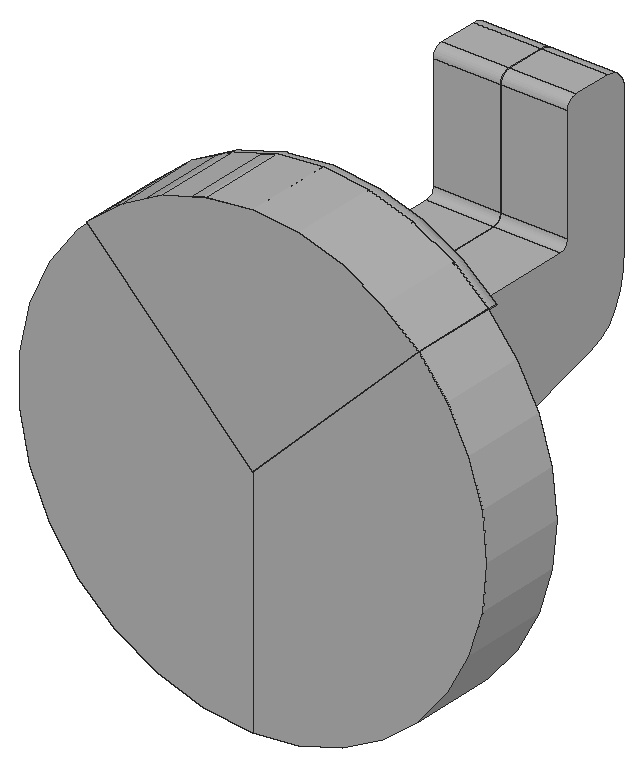
Revit family "PL6100001_Palermo Kit accesorios Percha", category Generic Models, host Wall, Revit 2019
Family settings
  Host = Wall
  Can host rebar = No
  Round Connector Dimension = Use Diameter
  Part Type = Normal
  Always vertical = Yes
  Cut with Voids When Loaded = No
  Shared = No
  Room Calculation Point = No
Parameters (values of type "Type 1")
  Temperatura de uso = "De 4o C a 40o C (40o F y 104o F)"  # constant formula
  Resistencia del accesorio = "25 Kg"  # constant formula
  Profundidad = 43.87 mm
  Material = Corona_Cromo
  Manufacturer = "Corona"  # constant formula
  Fecha de creación = "10/08/2020"  # constant formula
  Creado por = "IDD"  # constant formula
  Ancho = 55 mm
Reference planes
  plane 1 "Wall": y = 0
  plane 2 "Center (Left/Right)": x = 125
  plane 3 "Back": y = 75
  plane 4: z = 112.623
  plane 5: x = 152
  plane 6: x = 97
  plane 7: y = 118.87
Forms (mm)
  Revolve 1, solid, material "Corona_Cromo" <- "Material", detail levels medium+fine
    sketch origin (124.687, 75, 139.623) x (0, 0, 1) y (0, -1, 0)
      loop
        line (0, 0) -> (0, -10.016) -> (15.089, -10.016) -> (27, -10.016) -> (27, 0) -> (0, 0)
      axis (0, -10.016) -> (0, 0)
    angle from 0 to 360
  Extrusion 2, solid, material "Corona_Cromo" <- "Material", detail levels medium+fine
    sketch origin (104.447, 72.813, 139.623) x (0, 0, -1) y (0, -1, 0)
      loop
        line (-18.902, -12.204) -> (13.011, -12.204)
        arc (13.011, -12.204) -> (10.309, -14.999) -> (8.5, -18.441) r 13.706
        line (8.5, -18.441) -> (2.028, -41.012)
        spline (2.028, -41.012) -> (1.75, -41.807) -> (1.392, -42.533) -> (0.954, -43.191) -> (0.436, -43.778) -> (-0.163, -44.297) -> (-0.841, -44.747) -> (-1.599, -45.127) -> (-2.437, -45.439) -> (-3.356, -45.681) -> (-4.354, -45.854) -> (-5.433, -45.957) -> (-6.591, -45.992)
        line (-6.591, -45.992) -> (-23.146, -45.992)
        arc (-23.146, -45.992) -> (-24.8, -45.306) -> (-25.486, -43.651) r 2.341
        line (-25.486, -43.651) -> (-25.486, -39.117)
        arc (-25.486, -39.117) -> (-25.131, -38.26) -> (-24.274, -37.905) r 1.212
        line (-24.274, -37.905) -> (-11.079, -37.905)
        arc (-11.079, -37.905) -> (-10.377, -37.614) -> (-10.086, -36.911) r 0.994
        line (-10.086, -36.911) -> (-10.086, -24.487)
        arc (-10.086, -24.487) -> (-11.968, -16.583) -> (-18.902, -12.351) r 10.567
    from -20.24 to -12.508
  Extrusion 3, solid, material "Corona_Cromo" <- "Material", detail levels medium+fine
    sketch origin (144.928, 72.813, 139.623) x (0, 0, -1) y (0, 1, 0)
      loop
        line (-18.902, 12.204) -> (13.011, 12.204)
        arc (13.011, 12.204) -> (10.309, 14.999) -> (8.5, 18.441) r 13.706
        line (8.5, 18.441) -> (2.028, 41.012)
        spline (2.028, 41.012) -> (1.75, 41.807) -> (1.392, 42.533) -> (0.954, 43.191) -> (0.436, 43.778) -> (-0.163, 44.297) -> (-0.841, 44.747) -> (-1.599, 45.127) -> (-2.437, 45.439) -> (-3.356, 45.681) -> (-4.354, 45.854) -> (-5.433, 45.957) -> (-6.591, 45.992)
        line (-6.591, 45.992) -> (-23.146, 45.992)
        arc (-23.146, 45.992) -> (-24.8, 45.306) -> (-25.486, 43.651) r 2.341
        line (-25.486, 43.651) -> (-25.486, 39.117)
        arc (-25.486, 39.117) -> (-25.131, 38.26) -> (-24.274, 37.905) r 1.212
        line (-24.274, 37.905) -> (-11.079, 37.905)
        arc (-11.079, 37.905) -> (-10.377, 37.614) -> (-10.086, 36.911) r 0.994
        line (-10.086, 36.911) -> (-10.086, 24.487)
        arc (-10.086, 24.487) -> (-11.968, 16.583) -> (-18.902, 12.351) r 10.567
    from -20.24 to -12.508
  Revolve 4, solid, material "Corona_Cromo" <- "Material", detail levels medium+fine
    sketch origin (124.687, 75, 139.623) x (0, 0, 1) y (0, -1, 0)
      loop
        line (27, 0) -> (0, 0) -> (0, -12.619) -> (24.555, -12.619)
        arc (24.555, -12.619) -> (26.284, -11.903) -> (27, -10.174) r 2.445
        line (27, -10.174) -> (27, 0)
      axis (0, -12.619) -> (0, 0)
    angle from -45 to 45
  Extrusion 5, solid, material "Corona_Cromo" <- "Material", detail levels coarse
    sketch origin (0, 0, 0) x (1, 0, 0) y (0, 0, 1)
      loop
        line (97, 112.623) -> (152, 112.623) -> (152, 166.665) -> (97, 166.665) -> (97, 112.623)
    from -118.804 to -75
Text (mm)
  text "Placement Side" at (-1848.837, 1116.779, 0), in view "Ref. Level"
  text "Placement side" at (0, 1409.804, 2854.306), in view "Left"
  text "Placement side" at (0, 499.811, 2980.732), in view "Right"
Dimensions and locks
  locked: plane 3 "Back" to host wall
  "Ancho": plane 6 to plane 5
  "Profundidad": plane 7 to plane 3 "Back"
  aligned and locked: plane 1 "Wall" to host wall
Automatic sketch dimensions
  Revolve 1 sketch curve to host wall = 0 mm
  plane 4 to Revolve 1 sketch curve = 27 mm
  Revolve 1 sketch curve to Revolve 1 sketch curve = 15.089 mm
  Revolve 1 sketch curve to Revolve 1 sketch curve = 11.911 mm
  host wall to Revolve 1 sketch curve = 10.016 mm
  Revolve 1 sketch curve to Revolve 1 sketch curve = 0 mm
  Revolve 1 sketch curve to Revolve 1 sketch curve = 3.933 mm
  Revolve 1 sketch curve to host wall = 3.465 mm
  Revolve 4 sketch curve to host wall = 0 mm  (x2)
  plane 4 to Revolve 4 sketch curve = 27 mm
  host wall to Revolve 4 sketch curve = 12.619 mm
  Revolve 4 sketch curve to Revolve 4 sketch curve = 24.555 mm
  Revolve 4 sketch curve to Revolve 4 sketch curve = 2.445 mm
  Revolve 4 sketch curve to Revolve 4 sketch curve = 0 mm  (x2)
  plane 7 to Extrusion 2 sketch curve = 6.941 mm
  plane 4 to Extrusion 2 sketch curve = 52.486 mm
  Extrusion 2 sketch curve to Extrusion 2 sketch curve = 1.212 mm
  plane 7 to Extrusion 2 sketch curve = 0.066 mm
  Extrusion 2 sketch curve to Extrusion 2 sketch curve = 2.341 mm
  Extrusion 2 sketch curve to Extrusion 2 sketch curve = 3.757 mm
  Extrusion 2 sketch curve to Extrusion 2 sketch curve = 13.194 mm
  Extrusion 2 sketch curve to Extrusion 2 sketch curve = 0.994 mm
  Extrusion 2 sketch curve to Extrusion 2 sketch curve = 4.488 mm
  plane 7 to Extrusion 2 sketch curve = 5.046 mm
  Extrusion 2 sketch curve to Extrusion 2 sketch curve = 8.619 mm
  plane 4 to Extrusion 2 sketch curve = 18.5 mm
  Extrusion 2 sketch curve to Extrusion 2 sketch curve = 4.511 mm
  plane 4 to Extrusion 2 sketch curve = 5.586 mm
  Extrusion 2 sketch curve to Extrusion 2 sketch curve = 12.424 mm
  host wall to Extrusion 2 sketch curve = 20.845 mm
  Extrusion 2 sketch curve to Extrusion 2 sketch curve = 1.692 mm
  Extrusion 2 sketch curve to Extrusion 2 sketch curve = 4.591 mm
  Extrusion 2 sketch curve to Extrusion 2 sketch curve = 1.614 mm
  Extrusion 2 sketch curve to Extrusion 2 sketch curve = 0 mm
  plane 7 to Extrusion 3 sketch curve = 6.941 mm
  plane 4 to Extrusion 3 sketch curve = 52.486 mm
  Extrusion 3 sketch curve to Extrusion 3 sketch curve = 1.212 mm
  plane 7 to Extrusion 3 sketch curve = 0.066 mm
  Extrusion 3 sketch curve to Extrusion 3 sketch curve = 2.341 mm
  Extrusion 3 sketch curve to Extrusion 3 sketch curve = 3.757 mm
  Extrusion 3 sketch curve to Extrusion 3 sketch curve = 13.194 mm
  Extrusion 3 sketch curve to Extrusion 3 sketch curve = 0.994 mm
  Extrusion 3 sketch curve to Extrusion 3 sketch curve = 4.488 mm
  plane 7 to Extrusion 3 sketch curve = 5.046 mm
  Extrusion 3 sketch curve to Extrusion 3 sketch curve = 8.619 mm
  plane 4 to Extrusion 3 sketch curve = 18.5 mm
  Extrusion 3 sketch curve to Extrusion 3 sketch curve = 4.511 mm
  plane 4 to Extrusion 3 sketch curve = 5.586 mm
  Extrusion 3 sketch curve to Extrusion 3 sketch curve = 12.424 mm
  host wall to Extrusion 3 sketch curve = 20.845 mm
  Extrusion 3 sketch curve to Extrusion 3 sketch curve = 1.692 mm
  Extrusion 3 sketch curve to Extrusion 3 sketch curve = 4.591 mm
  Extrusion 3 sketch curve to Extrusion 3 sketch curve = 1.614 mm
  Extrusion 3 sketch curve to Extrusion 3 sketch curve = 0 mm
  plane 6 to Extrusion 5 sketch curve = 0 mm
  plane 5 to Extrusion 5 sketch curve = 0 mm
  Extrusion 5 sketch curve to plane 4 = 0 mm
  plane 4 to Extrusion 5 sketch curve = 54.042 mm
